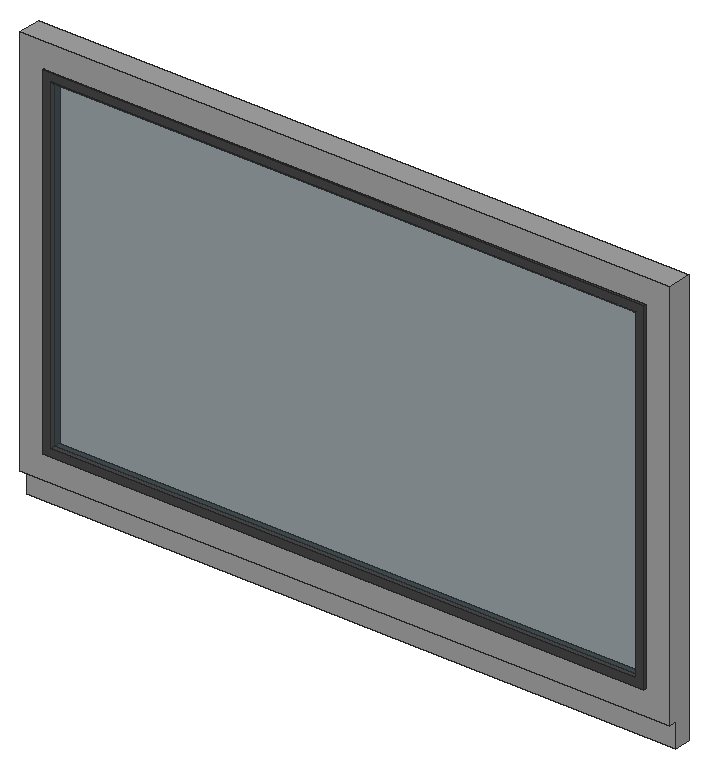
Revit family "RYN_FUR_TV", category Furniture, Revit 2025
Family settings
  Work Plane-Based = No
  Enable Cutting in Views = No
  Always vertical = Yes
  Cut with Voids When Loaded = No
  Render Appearance Source = Family Geometry
  Shared = No
  Room Calculation Point = No
Parameters (values of type "42"")
  Keynote = "N"
  Material Cabinet = Plastic - Gray
  Default Elevation = 0 mm
  Assembly Code = "E2020200"
  Depth = 88.9 mm
  Height = 660.4 mm
  Width = 1028.7 mm
Reference planes
  plane 1 "Center (Front/Back)": y = 0
  plane 2: z = 0
  plane 3 "Center (Left/Right)": x = 57.15
  plane 4: z = 660.4
  plane 5 "Left": x = -457.2
  plane 6 "Right": x = 571.5
  plane 7: y = -88.9
  plane 8: y = -76.2
  plane 9: z = 38.1
  plane 10: y = -50.8
  plane 11: z = 571.5
  plane 12: z = 609.6
  plane 13: x = -406.4
  plane 14: x = 520.7
Forms (mm)
  Extrusion 1, solid, material "Plastic - Gray" <- "Material Cabinet"
    sketch origin (0, 0, 0) x (1, 0, 0) y (0, 1, 0)
      loop
        line (-457.2, -50.8) -> (-457.2, -88.9) -> (571.5, -88.9) -> (571.5, -50.8) -> (-457.2, -50.8)
    from 0 to 660.4
  Extrusion 2, void
    sketch origin (-457.2, -88.9, 660.4) x (0, 0, 1) y (1, 0, 0)
      loop
        line (-38.1, 38.1) -> (-38.1, 990.6) -> (-584.2, 990.6) -> (-584.2, 38.1) -> (-38.1, 38.1)
    from 0 to 14.728
  Extrusion 3, solid, material "Glass"
    sketch origin (-457.2, -88.9, 660.4) x (0, 0, -1) y (1, 0, 0)
      loop
        line (50.8, 50.8) -> (571.5, 50.8) -> (571.5, 977.9) -> (50.8, 977.9) -> (50.8, 50.8)
    from -14.728 to 0
  Extrusion 4, void
    sketch origin (-457.2, -50.8, 660.4) x (0, 0, 1) y (0, -1, 0)
      loop
        line (-622.3, 25.4) -> (-622.3, 38.1) -> (-660.4, 38.1) -> (-660.4, 25.4) -> (-622.3, 25.4)
    from 0 to 1028.7
  Extrusion 5, solid
    sketch origin (-457.2, -50.8, 660.4) x (0, 0, -1) y (0, -1, 0)
      loop
        line (50.8, 0) -> (85.531, -50.8) -> (622.3, -50.8) -> (622.3, 0) -> (50.8, 0)
    from -977.9 to -50.8
  Sweep 6, solid, material "Plastic - Black"
    path in 3D
      loop
        line (533.4, -88.9, 76.2) -> (533.4, -88.9, 621.506) -> (-419.1, -88.9, 621.506) -> (-419.1, -88.9, 76.2) -> (533.4, -88.9, 76.2)
    profile origin (57.15, -88.9, 76.2) x (0, 0, 1) y (0, -1, 0)
      loop
        line (0, -14.728) -> (12.7, -14.728) -> (12.7, 0) -> (15.875, 0) -> (12.7, 3.175) -> (0, 3.175) -> (0, -14.728)
Cuts and joins
  Extrusion 2, Extrusion 4 cuts Extrusion 1
  Extrusion 4 cuts Extrusion 3
Lines and regions (mm)
  Masking region 1
    outline origin (0, 0, 0) x (1, 0, 0) y (0, 1, 0)
      loop
        line (571.5, -50.8) -> (520.7, -50.8) -> (520.7, 0) -> (-406.4, 0) -> (-406.4, -50.8) -> (-457.2, -50.8) -> (-457.2, -88.9) -> (571.5, -88.9) -> (571.5, -50.8)
  model lines
    curve 1: line (-419.1, -88.9, 76.2) -> (533.4, -88.9, 76.2)
    curve 2: line (-419.1, -88.9, 621.506) -> (-419.1, -88.9, 76.2)
    curve 3: line (533.4, -88.9, 621.506) -> (-419.1, -88.9, 621.506)
    curve 4: line (533.4, -88.9, 76.2) -> (533.4, -88.9, 621.506)
  sketch lines
    curve 5: line (-419.1, -88.9, 76.2) -> (533.4, -88.9, 76.2)
    curve 6: line (533.4, -88.9, 76.2) -> (533.4, -88.9, 621.506)
    curve 7: line (533.4, -88.9, 621.506) -> (-419.1, -88.9, 621.506)
    curve 8: line (-419.1, -88.9, 621.506) -> (-419.1, -88.9, 76.2)
  symbolic lines
    curve 9: line (571.5, -50.8, 0) -> (-457.2, -50.8, 0)
    curve 10: line (-406.4, 0, 0) -> (-406.4, -50.8, 0)
    curve 11: line (520.7, 0, 0) -> (-406.4, 0, 0)
    curve 12: line (520.7, -50.8, 0) -> (520.7, 0, 0)
    curve 13: line (571.5, -88.9, 0) -> (571.5, -50.8, 0)
    curve 14: line (-457.2, -88.9, 0) -> (571.5, -88.9, 0)
    curve 15: line (-457.2, -50.8, 0) -> (-457.2, -88.9, 0)
Dimensions and locks
  "Height": plane 4 to plane 2
  "Width": plane 5 "Left" to plane 6 "Right"
  equal spacing: plane 5 "Left", plane 3 "Center (Left/Right)", plane 6 "Right"
  "Depth": plane 1 "Center (Front/Back)" to plane 7
  locked: plane 8 to plane 7 at 12.7
  plane 9 to cut or joined group of Extrusion 1, Extrusion 2, Extrusion 4 = 38.1 mm
  plane 10 to plane 7 = 38.1 mm
  locked: plane 11 to plane 4 at 88.9
  locked: plane 5 "Left" to plane 13 at 50.8
  locked: plane 14 to plane 6 "Right" at 50.8
  locked: Extrusion 2 sketch curve to plane 5 "Left" at 38.1
  locked: Extrusion 2 sketch curve to plane 6 "Right" at 38.1
  locked: Extrusion 2 sketch curve to plane 9 at 38.1
  locked: plane 4 to Extrusion 2 sketch curve at 38.1
  locked: plane 4 to Extrusion 3 sketch curve at 50.8
  locked: Extrusion 3 sketch curve to plane 9 at 50.8
  plane 7 to Sweep 6 sketch curve = 3.175 mm
  aligned and locked: Extrusion 1 to plane 4
  aligned and locked: Extrusion 2 sketch curve to curve 2
  aligned and locked: Extrusion 1 to plane 7
  aligned and locked: Extrusion 1 sketch curve to plane 5 "Left"
  aligned and locked: plane 6 "Right" to Extrusion 1 sketch curve
  aligned and locked: plane 8 to Extrusion 4 sketch curve
  aligned and locked: plane 9 to Extrusion 4 sketch curve
  aligned and locked: Extrusion 4 sketch curve to cut or joined group of Extrusion 1, Extrusion 2, Extrusion 4
  aligned and locked: cut or joined group of Extrusion 1, Extrusion 2, Extrusion 4 to Extrusion 4 sketch curve
  aligned and locked: plane 10 to Extrusion 1
  aligned and locked: Extrusion 5 sketch curve to plane 10
  aligned and locked: Extrusion 5 sketch curve to plane 1 "Center (Front/Back)"
  aligned and locked: Extrusion 5 sketch curve to plane 9
  aligned and locked: cut or joined group of Extrusion 3, Extrusion 4 to Extrusion 5
  aligned and locked: Extrusion 5 to cut or joined group of Extrusion 3, Extrusion 4
  aligned and locked: Extrusion 3 sketch curve to plane 13
  aligned and locked: plane 14 to Extrusion 3 sketch curve
  aligned and locked: cut or joined group of Extrusion 1, Extrusion 2, Extrusion 4 to plane 6 "Right"
  aligned and locked: Extrusion 1 to Extrusion 4
  aligned and locked: Sweep 6 sketch curve to profile plane
  aligned and locked: Sweep 6 sketch curve to cut or joined group of Extrusion 1, Extrusion 2, Extrusion 4
  aligned and locked: curve 9 to cut or joined group of Extrusion 1, Extrusion 2, Extrusion 4
  aligned and locked: curve 10 to Extrusion 5
  aligned and locked: curve 11 to Extrusion 5
  aligned and locked: curve 12 to Extrusion 5
  aligned and locked: curve 13 to cut or joined group of Extrusion 1, Extrusion 2, Extrusion 4
  aligned and locked: curve 14 to cut or joined group of Extrusion 1, Extrusion 2, Extrusion 4
  aligned and locked: curve 15 to cut or joined group of Extrusion 1, Extrusion 2, Extrusion 4
  aligned and locked: Masking region 1 sketch curve to cut or joined group of Extrusion 1, Extrusion 2, Extrusion 4  (x4)
  aligned and locked: Masking region 1 sketch curve to Extrusion 5  (x3)
Automatic sketch dimensions
  curve 1 to Extrusion 1 = 38.1 mm
  Extrusion 1 to curve 3 = 38.1 mm
  Extrusion 1 to curve 2 = 76.2 mm
  Extrusion 1 to curve 4 = 38.894 mm
  Extrusion 1 sketch curve to plane 7 = 0 mm
  plane 1 "Center (Front/Back)" to Extrusion 1 sketch curve = 50.8 mm
  Extrusion 1 to Extrusion 5 sketch curve = 50.8 mm
  Extrusion 5 sketch curve to Extrusion 5 sketch curve = 34.731 mm
  Sweep 6 sketch curve to profile plane = 12.7 mm
  Sweep 6 sketch curve to Sweep 6 sketch curve = 0 mm
  Sweep 6 sketch curve to Sweep 6 sketch curve = 3.175 mm
  Sweep 6 sketch curve to profile plane = 0 mm
  curve 10 to plane 1 "Center (Front/Back)" = 0 mm
  curve 10 to plane 13 = 0 mm
  curve 9 to plane 6 "Right" = 0 mm
  curve 9 to plane 10 = 0 mm
  curve 11 to plane 14 = 0 mm
  curve 13 to plane 7 = 0 mm
  curve 14 to plane 5 "Left" = 0 mm
  Masking region 1 sketch curve to plane 10 = 0 mm
